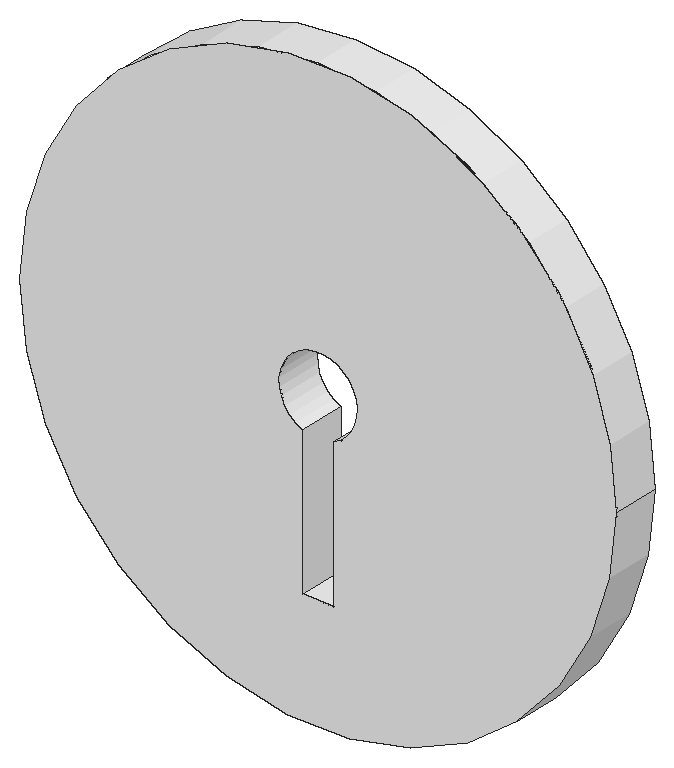
Revit family
Parameters
  Material Ironmongery = Metal - Stainless Steel
  Handle Z Distance = 900 mm
  Handle X Distance = 75 mm
  Handle Radius = 19 mm
Reference planes
  plane 1 "Center (Front/Back)": y = 0
  plane 2: z = 0
  plane 3 "Center (Left/Right)": x = 0
  plane 4: x = -75
  plane 5: z = 900
  plane 6: y = 3
Forms (mm)
  Extrusion 1, solid, material "Metal - Stainless Steel" <- "Material Ironmongery"
    sketch origin (0, 0, 0) x (-1, 0, 0) y (0, 0, 1)
      loop
        circle (0, 900) r 19
      loop
        arc (0.994, 897.706) -> (-0.009, 902.5) -> (-0.976, 897.699) r 2.5
        line (-0.976, 897.699) -> (-0.976, 888.313) -> (0.994, 888.313) -> (0.994, 897.706)
    from 0 to 3
Dimensions and locks
  "Handle X Distance": plane 4 to plane 3 "Center (Left/Right)"
  "Handle Z Distance": plane 5 to level
  "Handle Radius": radius of Extrusion 1 sketch curve
  aligned and locked: Extrusion 1 to plane 6
  aligned and locked: Extrusion 1 to plane 1 "Center (Front/Back)"
Automatic sketch dimensions
  Extrusion 1 sketch curve to Extrusion 1 sketch curve = 0 mm  (x2)
  Extrusion 1 sketch curve to plane 3 "Center (Left/Right)" = 0 mm
  Extrusion 1 sketch curve to plane 5 = 0 mm
  Extrusion 1 sketch curve to plane 3 "Center (Left/Right)" = 0.976 mm
  plane 3 "Center (Left/Right)" to Extrusion 1 sketch curve = 0.994 mm
  Extrusion 1 sketch curve to Extrusion 1 sketch curve = 0.007 mm
  Extrusion 1 sketch curve to Extrusion 1 sketch curve = 9.393 mm
